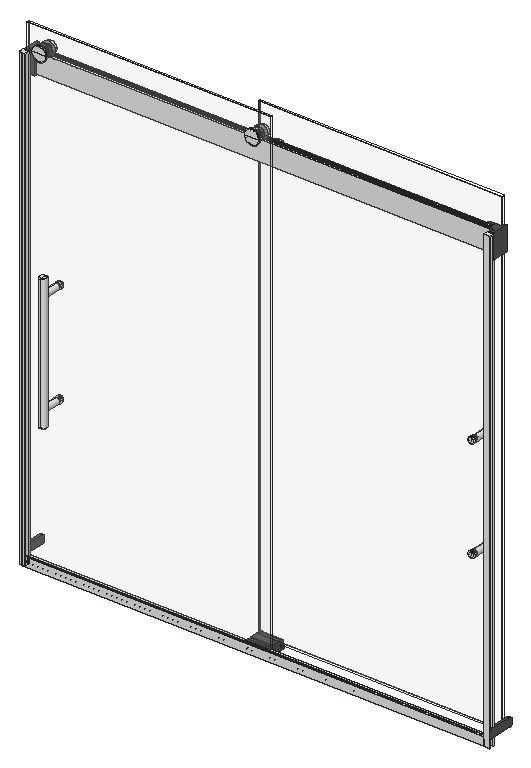
Revit family "Shower-Shower_Door-KOHLER-Levity_Plus-K-702425_1", category Specialty Equipment, host Face, Revit 2022 (continued)
Definition of nested family "K-702425"
  Lines and regions (in)
    symbolic lines, detail levels medium+fine
      curve 217: line (19.54543, 2.21713, 58.33005) -> (19.54543, 2.21713, 61.5748)
      curve 218: line (19.54543, 2.53463, 55.96708) -> (19.54543, 2.53463, 57.29546)
      curve 219: line (19.54543, 0.332, 59.44175) -> (19.54543, 0.332, 58.36655)
      curve 220: line (19.54543, 0.6495, 0.72015) -> (19.54543, 0.6495, 1.05663)
      curve 221: line (19.54543, 0.3945, 0.72015) -> (19.54543, 0.3945, 1.05663)
      curve 222: line (19.54543, 0.6495, 58.33005) -> (19.54543, 0.6495, 61.5748)
      curve 223: line (19.54543, 0.3945, 58.33198) -> (19.54543, 0.3945, 61.5748)
      curve 224: line (19.54543, 0.6495, 2.13263) -> (19.54543, 0.6495, 55.35471)
      curve 225: line (19.54543, 0.38563, 2.13803) -> (19.54543, 0.38563, 55.35616)
      curve 226: line (-31.3134, 0.29138, 58.7811) -> (-30.5489, 0.29138, 58.7811)
  Dimensions and locks (in)
    plane 4 to level = 61.5748"
    plane 5 to level = 17.71654"
    plane 6 to plane 5 = 17.00787"
    "Walk Thru": plane 8 to plane 3 "Center (Left/Right)"
    locked: plane 9 to plane 8 at 0.77715
    plane 3 "Center (Left/Right)" to plane 7 = 31.3134"
    "Width": plane 9 to plane 7
    locked: plane 8 to plane 10 "E" at 3.28921
    plane 12 to level = 55.55118"
    plane 13 to plane 12 = 2.55906"
    locked: plane 20 "C" to plane 10 "E" at 1.75
    locked: plane 9 to plane 23 at 0.34046
    locked: plane 22 "D" to plane 10 "E" at 25.2506
    plane 1 "Center (Front/Back)" to plane 24 = 4.98031"
    plane 24 to plane 25 = 7.08661"
    plane 19 to plane 25 = 0.43307"
    plane 24 to plane 26 = 0.4252"
    aligned and locked: plane 2 to level
    aligned and locked: plane 8 to Extrusion 5
    aligned and locked: plane 8 to Extrusion 8
    aligned and locked: plane 9 to Extrusion 18 sketch curve
    aligned and locked: plane 9 to Extrusion 19
    aligned and locked: plane 23 to Extrusion 19
    aligned and locked: plane 8 to Extrusion 20 sketch curve
    aligned and locked: plane 9 to Extrusion 20 sketch curve
    aligned and locked: plane 23 to Extrusion 22 sketch curve
    aligned and locked: Extrusion 10 to Masking region 1 sketch curve
    aligned and locked: Masking region 2 sketch curve to plane 9
    aligned and locked: Masking region 2 sketch curve to Extrusion 18
    aligned and locked: Masking region 2 sketch curve to plane 8
    aligned and locked: Extrusion 18 to curve 72
    aligned and locked: plane 9 to Masking region 3 sketch curve
    aligned and locked: Extrusion 10 to Masking region 3 sketch curve  (x2)
    aligned and locked: Revolve 13 to Masking region 4 sketch curve
    aligned and locked: plane 23 to Masking region 4 sketch curve
    aligned and locked: plane 8 to Extrusion 31
    aligned and locked: Masking region 3 to curve 193
    aligned and locked: Masking region 3 to curve 194
    aligned and locked: Masking region 3 to curve 195
    aligned and locked: Masking region 4 sketch curve to Extrusion 22
  Automatic sketch dimensions
    Extrusion 1 sketch curve to plane 7 = 0"
    Extrusion 1 sketch curve to Extrusion 1 sketch curve = 0.03079"
    plane 7 to Extrusion 1 sketch curve = 0.0315"
    Extrusion 1 sketch curve to Extrusion 1 sketch curve = 0.2541"
    Extrusion 1 sketch curve to Extrusion 1 sketch curve = 0.25668"
    plane 7 to Extrusion 1 sketch curve = 81/256"
    Extrusion 1 sketch curve to Extrusion 1 sketch curve = 0.0315"  (x2)
    Extrusion 1 sketch curve to Extrusion 1 sketch curve = 0.60218"
    Extrusion 1 sketch curve to Extrusion 1 sketch curve = 0.03039"
    Extrusion 1 sketch curve to plane 1 "Center (Front/Back)" = 0.35413"
    Extrusion 1 sketch curve to Extrusion 1 sketch curve = 0.47171"
    Extrusion 1 sketch curve to Extrusion 1 sketch curve = 1.10192"
    Extrusion 1 sketch curve to Extrusion 1 sketch curve = 0.00743"
    Extrusion 1 sketch curve to Extrusion 1 sketch curve = 0.34229"
    Extrusion 2 sketch curve to plane 7 = 0"  (x2)
    plane 1 "Center (Front/Back)" to Extrusion 2 sketch curve = 0"  (x2)
    plane 7 to Extrusion 2 sketch curve = 0.05752"  (x2)
    plane 7 to Extrusion 2 sketch curve = 0.18908"
    Extrusion 2 sketch curve to Extrusion 2 sketch curve = 0.04131"
    Extrusion 2 sketch curve to Extrusion 2 sketch curve = 0.09136"
    Extrusion 2 sketch curve to Extrusion 2 sketch curve = 0.19461"  (x2)
    Extrusion 2 sketch curve to Extrusion 2 sketch curve = 0.14115"  (x2)
    plane 1 "Center (Front/Back)" to Extrusion 2 sketch curve = 0.32797"
    Extrusion 2 sketch curve to Extrusion 2 sketch curve = 0.00361"  (x2)
    Extrusion 2 sketch curve to Extrusion 2 sketch curve = 0.10339"
    plane 1 "Center (Front/Back)" to Extrusion 2 sketch curve = 0.30702"
    Extrusion 2 sketch curve to Extrusion 2 sketch curve = 0.03454"  (x2)
    Extrusion 2 sketch curve to Extrusion 2 sketch curve = 0.01994"  (x2)
    Extrusion 2 sketch curve to Extrusion 2 sketch curve = 0.04271"  (x2)
    Extrusion 2 sketch curve to Extrusion 2 sketch curve = 0.06265"
    Extrusion 2 sketch curve to plane 1 "Center (Front/Back)" = 0.20982"
    Extrusion 2 sketch curve to Extrusion 2 sketch curve = 0"
    Extrusion 2 sketch curve to plane 1 "Center (Front/Back)" = 0.22464"
    Extrusion 3 sketch curve to plane 7 = 0"
    Extrusion 3 sketch curve to Extrusion 3 sketch curve = 0.05752"  (x2)
    plane 1 "Center (Front/Back)" to Extrusion 3 sketch curve = 0.32797"
    Extrusion 3 sketch curve to Extrusion 3 sketch curve = 0.59999"  (x2)
    Extrusion 3 sketch curve to Extrusion 3 sketch curve = 0.00361"  (x2)
    Extrusion 3 sketch curve to Extrusion 3 sketch curve = 0.10339"
    plane 1 "Center (Front/Back)" to Extrusion 3 sketch curve = 0.30702"
    Extrusion 3 sketch curve to Extrusion 3 sketch curve = 0.05449"  (x2)
    Extrusion 3 sketch curve to plane 1 "Center (Front/Back)" = 0.22464"
    Extrusion 3 sketch curve to plane 1 "Center (Front/Back)" = 0.25253"
    plane 1 "Center (Front/Back)" to Extrusion 4 sketch curve = 0.20982"
    Extrusion 4 sketch curve to Extrusion 4 sketch curve = 0.01972"
    Extrusion 4 sketch curve to Extrusion 4 sketch curve = 0.25882"
    level to Extrusion 4 sketch curve = 1.05663"
    Extrusion 4 sketch curve to Extrusion 4 sketch curve = 0.57809"
    Extrusion 5 sketch curve to level = 0"
    Extrusion 5 sketch curve to plane 1 "Center (Front/Back)" = 0"
    plane 1 "Center (Front/Back)" to Extrusion 5 sketch curve = 0.19878"
    Extrusion 5 sketch curve to plane 1 "Center (Front/Back)" = 3/128"
    Extrusion 5 sketch curve to Extrusion 5 sketch curve = 0.04434"
    Extrusion 5 sketch curve to Extrusion 5 sketch curve = 0.04019"
    Extrusion 5 sketch curve to Extrusion 5 sketch curve = 0.07819"
    Extrusion 5 sketch curve to Extrusion 5 sketch curve = 0.0297"
    Extrusion 5 sketch curve to Extrusion 5 sketch curve = 0.02696"
    level to Extrusion 5 sketch curve = 0.07959"
    Extrusion 5 sketch curve to plane 1 "Center (Front/Back)" = 0.14319"
    Extrusion 5 sketch curve to Extrusion 5 sketch curve = 0.05652"
    Extrusion 5 sketch curve to Extrusion 5 sketch curve = 0.06857"
    Extrusion 5 sketch curve to Extrusion 5 sketch curve = 0.02971"
    Extrusion 5 sketch curve to Extrusion 5 sketch curve = 0.03753"
    Extrusion 5 sketch curve to Extrusion 5 sketch curve = 0.02998"
    Extrusion 5 sketch curve to Extrusion 5 sketch curve = 45/128"
    Extrusion 5 sketch curve to Extrusion 5 sketch curve = 0.34333"
    Extrusion 5 sketch curve to Extrusion 5 sketch curve = 0.07224"
    Extrusion 5 sketch curve to Extrusion 5 sketch curve = 0.01101"
    Extrusion 5 sketch curve to Extrusion 5 sketch curve = 15/128"
    Extrusion 5 sketch curve to Extrusion 5 sketch curve = 0.50603"
    Extrusion 5 sketch curve to Extrusion 5 sketch curve = 0.00157"
    Extrusion 5 sketch curve to Extrusion 5 sketch curve = 0.02425"
    Extrusion 5 sketch curve to Extrusion 5 sketch curve = 0.01999"
    Extrusion 5 sketch curve to Extrusion 5 sketch curve = 0.04542"
    Extrusion 5 sketch curve to Extrusion 5 sketch curve = 0.01816"
    Revolve 6 sketch curve to plane 16 = 0"  (x2)
    Revolve 6 sketch curve to plane 1 "Center (Front/Back)" = 1.79905"
    Revolve 6 sketch curve to Revolve 6 sketch curve = 0.36643"
    Revolve 6 sketch curve to Revolve 6 sketch curve = 0.18701"  (x2)
    Revolve 6 sketch curve to Revolve 6 sketch curve = 0.13646"
    Revolve 6 sketch curve to Revolve 6 sketch curve = 0.19685"  (x2)
    Revolve 6 sketch curve to Revolve 6 sketch curve = 0.35769"
    Revolve 6 sketch curve to plane 1 "Center (Front/Back)" = 0.06827"
    Revolve 6 sketch curve to plane 1 "Center (Front/Back)" = 0.02811"
    plane 1 "Center (Front/Back)" to Revolve 6 sketch curve = 0.09751"
    Revolve 6 sketch curve to Revolve 6 sketch curve = 0.04293"
    plane 16 to Revolve 6 sketch curve = 0.4638"
    plane 16 to Revolve 6 sketch curve = 0.47661"
    Revolve 6 sketch curve to Revolve 6 sketch curve = 0.05951"
    Revolve 6 sketch curve to Revolve 6 sketch curve = 0.21742"
    Revolve 6 sketch curve to Revolve 6 sketch curve = 0.26917"
    Revolve 6 sketch curve to Revolve 6 sketch curve = 0.05219"
    Revolve 6 sketch curve to Revolve 6 sketch curve = 0.23207"
    Revolve 6 sketch curve to Revolve 6 sketch curve = 0.00276"
    Revolve 6 sketch curve to Revolve 6 sketch curve = 0.04017"
    Revolve 6 sketch curve to Revolve 6 sketch curve = 0.98425"
    Revolve 6 sketch curve to Revolve 6 sketch curve = 0"
    Revolve 7 sketch curve to plane 15 = 0"  (x2)
    Revolve 7 sketch curve to plane 1 "Center (Front/Back)" = 1.79905"
    Revolve 7 sketch curve to Revolve 7 sketch curve = 0.36643"
    Revolve 7 sketch curve to Revolve 7 sketch curve = 0.18701"  (x2)
    Revolve 7 sketch curve to Revolve 7 sketch curve = 0.13646"
    Revolve 7 sketch curve to Revolve 7 sketch curve = 0.19685"  (x2)
    Revolve 7 sketch curve to Revolve 7 sketch curve = 0.35769"
    Revolve 7 sketch curve to plane 1 "Center (Front/Back)" = 0.06827"
    Revolve 7 sketch curve to plane 1 "Center (Front/Back)" = 0.02811"
    plane 1 "Center (Front/Back)" to Revolve 7 sketch curve = 0.09751"
    Revolve 7 sketch curve to Revolve 7 sketch curve = 0.04293"
    plane 15 to Revolve 7 sketch curve = 0.4638"
    plane 15 to Revolve 7 sketch curve = 0.47661"
    Revolve 7 sketch curve to Revolve 7 sketch curve = 0.05951"
    Revolve 7 sketch curve to Revolve 7 sketch curve = 0.21742"
    Revolve 7 sketch curve to Revolve 7 sketch curve = 0.26917"
    Revolve 7 sketch curve to Revolve 7 sketch curve = 0.05219"
    Revolve 7 sketch curve to Revolve 7 sketch curve = 0.23207"
    Revolve 7 sketch curve to Revolve 7 sketch curve = 0.00276"
    Revolve 7 sketch curve to Revolve 7 sketch curve = 0.04017"
    Revolve 7 sketch curve to Revolve 7 sketch curve = 0.98425"
    Revolve 7 sketch curve to Revolve 7 sketch curve = 0"
    Extrusion 8 sketch curve to plane 12 = 0"
    Extrusion 8 sketch curve to plane 13 = 0"  (x2)
    Extrusion 8 sketch curve to plane 1 "Center (Front/Back)" = 0.97838"
    Extrusion 8 sketch curve to plane 13 = 0.01983"
    Extrusion 8 sketch curve to Extrusion 8 sketch curve = 0.04771"
    Extrusion 8 sketch curve to plane 13 = 0.17086"
    Extrusion 8 sketch curve to Extrusion 8 sketch curve = 0.19946"
    Extrusion 8 sketch curve to Extrusion 8 sketch curve = 0.06749"
    Extrusion 8 sketch curve to Extrusion 8 sketch curve = 0.07625"
    Extrusion 8 sketch curve to plane 13 = 0.09209"
    Extrusion 8 sketch curve to Extrusion 8 sketch curve = 0.10945"
    Extrusion 8 sketch curve to Extrusion 8 sketch curve = 0.00724"
    Extrusion 8 sketch curve to Extrusion 8 sketch curve = 0.01781"
    Extrusion 8 sketch curve to Extrusion 8 sketch curve = 0.07472"
    plane 12 to Extrusion 8 sketch curve = 0.24844"
    Extrusion 8 sketch curve to Extrusion 8 sketch curve = 0.26709"
    Extrusion 8 sketch curve to Extrusion 8 sketch curve = 0.25238"
    Extrusion 8 sketch curve to Extrusion 8 sketch curve = 0.11432"
    Extrusion 8 sketch curve to Extrusion 8 sketch curve = 0.167"
    Extrusion 8 sketch curve to Extrusion 8 sketch curve = 0.38221"
    Extrusion 8 sketch curve to Extrusion 8 sketch curve = 0.02708"
    plane 12 to Extrusion 8 sketch curve = 0.06014"
    Extrusion 8 sketch curve to Extrusion 8 sketch curve = 0.03426"
    Extrusion 8 sketch curve to Extrusion 8 sketch curve = 0.04358"
    Extrusion 8 sketch curve to Extrusion 8 sketch curve = 0.05805"
    Extrusion 8 sketch curve to Extrusion 8 sketch curve = 0.04965"
    Extrusion 8 sketch curve to Extrusion 8 sketch curve = 0.03062"
    Extrusion 8 sketch curve to Extrusion 8 sketch curve = 0.27127"
    Extrusion 8 sketch curve to Extrusion 8 sketch curve = 0.01337"
    Extrusion 8 sketch curve to Extrusion 8 sketch curve = 1/8"
    Extrusion 8 sketch curve to Extrusion 8 sketch curve = 0.62317"
    Extrusion 8 sketch curve to Extrusion 8 sketch curve = 0.09894"
    Extrusion 8 sketch curve to Extrusion 8 sketch curve = 0.11003"
    Extrusion 8 sketch curve to Extrusion 8 sketch curve = 0.06863"
    Extrusion 8 sketch curve to Extrusion 8 sketch curve = 0.04403"
    Extrusion 8 sketch curve to Extrusion 8 sketch curve = 0.07343"
    Extrusion 8 sketch curve to Extrusion 8 sketch curve = 0.06223"
    Extrusion 10 sketch curve to level = 0"
    Extrusion 10 sketch curve to plane 1 "Center (Front/Back)" = 0.30693"
    Extrusion 10 sketch curve to Extrusion 10 sketch curve = 0.16911"
    Extrusion 10 sketch curve to Extrusion 10 sketch curve = 0.03435"
    Extrusion 10 sketch curve to Extrusion 10 sketch curve = 0.04675"
    Extrusion 10 sketch curve to Extrusion 10 sketch curve = 0.27567"
    Extrusion 10 sketch curve to Extrusion 10 sketch curve = 0.02104"  (x2)
    level to Extrusion 10 sketch curve = 0.22974"  (x2)
    Extrusion 10 sketch curve to Extrusion 10 sketch curve = 0.10752"
    Extrusion 10 sketch curve to Extrusion 10 sketch curve = 0.08964"  (x2)
    Extrusion 10 sketch curve to Extrusion 10 sketch curve = 0.18469"  (x2)
    level to Extrusion 10 sketch curve = 0.22333"  (x2)
    Extrusion 10 sketch curve to Extrusion 10 sketch curve = 0.08608"  (x2)
    Extrusion 10 sketch curve to plane 1 "Center (Front/Back)" = 0.99117"
    Extrusion 10 sketch curve to Extrusion 10 sketch curve = 0.41665"  (x2)
    Extrusion 10 sketch curve to Extrusion 10 sketch curve = 0.04608"  (x2)
    Extrusion 10 sketch curve to Extrusion 10 sketch curve = 1.03242"
    level to Extrusion 10 sketch curve = 1.02412"
    Extrusion 10 sketch curve to Extrusion 10 sketch curve = 0.04197"
    Extrusion 10 sketch curve to Extrusion 10 sketch curve = 0.13366"
    level to Extrusion 10 sketch curve = 1.04611"
    Extrusion 10 sketch curve to Extrusion 10 sketch curve = 0.02291"
    Extrusion 10 sketch curve to Extrusion 10 sketch curve = 0.2467"
    level to Extrusion 10 sketch curve = 0.08994"
    Extrusion 10 sketch curve to Extrusion 10 sketch curve = 0.03772"
    Extrusion 10 sketch curve to Extrusion 10 sketch curve = 0.08809"
    Extrusion 10 sketch curve to Extrusion 10 sketch curve = 0.08169"
    Extrusion 10 sketch curve to Extrusion 10 sketch curve = 0.79837"
    Extrusion 10 sketch curve to Extrusion 10 sketch curve = 0.00241"
    Extrusion 10 sketch curve to Extrusion 10 sketch curve = 0.0012"
    Extrusion 10 sketch curve to Extrusion 10 sketch curve = 0.02268"
    Extrusion 10 sketch curve to Extrusion 10 sketch curve = 0.02105"
    Extrusion 10 sketch curve to Extrusion 10 sketch curve = 0.00037"
    Extrusion 10 sketch curve to Extrusion 10 sketch curve = 1.18136"
    plane 17 to Revolve 11 sketch curve = 0"  (x2)
    Revolve 11 sketch curve to plane 19 = 0.174"
    Revolve 11 sketch curve to plane 1 "Center (Front/Back)" = 0.4133"
    Revolve 11 sketch curve to Revolve 11 sketch curve = 0.34891"
    Revolve 11 sketch curve to Revolve 11 sketch curve = 0.03514"
    Revolve 11 sketch curve to Revolve 11 sketch curve = 0.19072"
    Revolve 11 sketch curve to Revolve 11 sketch curve = 0.03275"
    Revolve 11 sketch curve to plane 17 = 1/4"
    Revolve 11 sketch curve to Revolve 11 sketch curve = 0.11446"
    Revolve 11 sketch curve to Revolve 11 sketch curve = 1/8"
    Revolve 11 sketch curve to Revolve 11 sketch curve = 0.51073"
    Revolve 12 sketch curve to plane 5 = 0"
    Revolve 12 sketch curve to plane 6 = 0"
    Revolve 12 sketch curve to plane 19 = 0"  (x2)
    plane 5 to Revolve 12 sketch curve = 0.04993"
    Revolve 12 sketch curve to plane 6 = 0.05514"
    plane 6 to Revolve 12 sketch curve = 0.28607"
    Revolve 12 sketch curve to Revolve 12 sketch curve = 0.3937"
    plane 21 "X" to Revolve 13 sketch curve = 0"  (x2)
    Revolve 13 sketch curve to plane 21 "X" = 0.60618"
    Revolve 13 sketch curve to Revolve 13 sketch curve = 0.05802"
    Revolve 13 sketch curve to Revolve 13 sketch curve = 0.12991"
    Revolve 13 sketch curve to Revolve 13 sketch curve = 0.23375"
    Revolve 13 sketch curve to Revolve 13 sketch curve = 0.00086"
    Revolve 13 sketch curve to Revolve 13 sketch curve = 0.04165"  (x2)
    Revolve 13 sketch curve to Revolve 13 sketch curve = 0.04078"
    Revolve 13 sketch curve to Revolve 13 sketch curve = 0.12631"
    Revolve 13 sketch curve to Revolve 13 sketch curve = 0.29364"
    Revolve 13 sketch curve to Revolve 13 sketch curve = 0.3614"
    Revolve 13 sketch curve to Revolve 13 sketch curve = 0.25664"
    Revolve 13 sketch curve to Revolve 13 sketch curve = 0.3937"
    Revolve 13 sketch curve to Revolve 13 sketch curve = 0.50511"
    plane 21 "X" to Revolve 14 sketch curve = 0"  (x2)
    Revolve 14 sketch curve to plane 21 "X" = 0.60618"
    Revolve 14 sketch curve to Revolve 14 sketch curve = 0.05802"
    Revolve 14 sketch curve to Revolve 14 sketch curve = 0.12991"
    Revolve 14 sketch curve to Revolve 14 sketch curve = 0.23375"
    Revolve 14 sketch curve to Revolve 14 sketch curve = 0.00086"
    Revolve 14 sketch curve to Revolve 14 sketch curve = 0.04165"  (x2)
    Revolve 14 sketch curve to Revolve 14 sketch curve = 0.04078"
    Revolve 14 sketch curve to Revolve 14 sketch curve = 0.12631"
    Revolve 14 sketch curve to Revolve 14 sketch curve = 0.29364"
    Revolve 14 sketch curve to Revolve 14 sketch curve = 0.3614"
    Revolve 14 sketch curve to Revolve 14 sketch curve = 0.25664"
    Revolve 14 sketch curve to Revolve 14 sketch curve = 0.3937"
    Revolve 14 sketch curve to Revolve 14 sketch curve = 0.50511"
    plane 18 to Revolve 15 sketch curve = 0"  (x2)
    Revolve 15 sketch curve to plane 18 = 1/4"
    Revolve 15 sketch curve to Revolve 15 sketch curve = 0.11446"
    Revolve 15 sketch curve to Revolve 15 sketch curve = 0.00238"
    Revolve 15 sketch curve to Revolve 15 sketch curve = 1/8"
    Revolve 15 sketch curve to Revolve 15 sketch curve = 0.03514"
    Revolve 15 sketch curve to Revolve 15 sketch curve = 0.34891"
    Revolve 15 sketch curve to Revolve 15 sketch curve = 0.19072"
    Revolve 15 sketch curve to Revolve 15 sketch curve = 0.51073"
    plane 17 to Revolve 16 sketch curve = 0"  (x2)
    Revolve 16 sketch curve to plane 17 = 1/4"
    Revolve 16 sketch curve to Revolve 16 sketch curve = 0.11446"
    Revolve 16 sketch curve to Revolve 16 sketch curve = 0.00238"
    Revolve 16 sketch curve to Revolve 16 sketch curve = 1/8"
    Revolve 16 sketch curve to Revolve 16 sketch curve = 0.03514"
    Revolve 16 sketch curve to Revolve 16 sketch curve = 0.3477"
    Revolve 16 sketch curve to Revolve 16 sketch curve = 0.19072"
    Revolve 16 sketch curve to Revolve 16 sketch curve = 0.51073"
    plane 1 "Center (Front/Back)" to Extrusion 19 sketch curve = 0.23901"
    Extrusion 19 sketch curve to Extrusion 19 sketch curve = 0.01972"
    Extrusion 19 sketch curve to Extrusion 19 sketch curve = 0.25882"
    level to Extrusion 19 sketch curve = 2.13263"
    Extrusion 19 sketch curve to Extrusion 19 sketch curve = 0.57809"
    plane 18 to Revolve 23 sketch curve = 0"  (x2)
    Revolve 23 sketch curve to plane 19 = 0.174"
    Revolve 23 sketch curve to plane 1 "Center (Front/Back)" = 0.4133"
    Revolve 23 sketch curve to Revolve 23 sketch curve = 0.34891"
    Revolve 23 sketch curve to Revolve 23 sketch curve = 0.03514"
    Revolve 23 sketch curve to Revolve 23 sketch curve = 0.19072"
    Revolve 23 sketch curve to Revolve 23 sketch curve = 0.03275"
    Revolve 23 sketch curve to plane 18 = 1/4"
    Revolve 23 sketch curve to Revolve 23 sketch curve = 0.11446"
    Revolve 23 sketch curve to Revolve 23 sketch curve = 1/8"
    Revolve 23 sketch curve to Revolve 23 sketch curve = 0.51073"
    Extrusion 24 sketch curve to plane 7 = 0"
    Extrusion 24 sketch curve to plane 1 "Center (Front/Back)" = 0.32797"
    plane 1 "Center (Front/Back)" to Extrusion 24 sketch curve = 0.32797"
    Extrusion 24 sketch curve to Extrusion 24 sketch curve = 0.76451"
    Revolve 25 sketch curve to plane 15 = 0"  (x2)
    Revolve 25 sketch curve to Revolve 25 sketch curve = 0.19685"  (x2)
    Revolve 25 sketch curve to Revolve 25 sketch curve = 0.13646"
    Revolve 25 sketch curve to Revolve 25 sketch curve = 0.37402"
    Revolve 25 sketch curve to Revolve 25 sketch curve = 0.36643"
    Revolve 25 sketch curve to plane 1 "Center (Front/Back)" = 0.06827"
    plane 1 "Center (Front/Back)" to Revolve 25 sketch curve = 0.14044"
    plane 15 to Revolve 25 sketch curve = 0.53612"
    Revolve 25 sketch curve to Revolve 25 sketch curve = 0.12453"
    Revolve 25 sketch curve to Revolve 25 sketch curve = 0.15792"
    Revolve 25 sketch curve to Revolve 25 sketch curve = 0.07232"
    Revolve 25 sketch curve to Revolve 25 sketch curve = 0.05219"
    Revolve 25 sketch curve to Revolve 25 sketch curve = 0.275"
    Revolve 25 sketch curve to Revolve 25 sketch curve = 0.31118"
    Revolve 26 sketch curve to plane 16 = 0"  (x2)
    Revolve 26 sketch curve to plane 1 "Center (Front/Back)" = 1.79905"
    Revolve 26 sketch curve to Revolve 26 sketch curve = 0.36643"
    Revolve 26 sketch curve to Revolve 26 sketch curve = 0.37402"
    Revolve 26 sketch curve to Revolve 26 sketch curve = 0.13646"
    Revolve 26 sketch curve to Revolve 26 sketch curve = 0.19685"  (x2)
    Revolve 26 sketch curve to plane 1 "Center (Front/Back)" = 0.06827"
    plane 1 "Center (Front/Back)" to Revolve 26 sketch curve = 0.14044"
    plane 16 to Revolve 26 sketch curve = 0.53612"
    Revolve 26 sketch curve to Revolve 26 sketch curve = 0.12453"
    Revolve 26 sketch curve to Revolve 26 sketch curve = 0.15792"
    Revolve 26 sketch curve to Revolve 26 sketch curve = 0.07232"
    Revolve 26 sketch curve to Revolve 26 sketch curve = 0.05219"
    Revolve 26 sketch curve to Revolve 26 sketch curve = 0.275"
    Revolve 26 sketch curve to Revolve 26 sketch curve = 0.31118"
    Extrusion 27 sketch curve to plane 11 "B" = 0"  (x2)
    Extrusion 27 sketch curve to plane 17 = 0"
    Extrusion 27 sketch curve to plane 18 = 0"
    Extrusion 28 sketch curve to plane 11 "B" = 0"
    plane 19 to Extrusion 28 sketch curve = 0"
    Revolve 17 sketch curve to plane 5 = 0"
    Revolve 17 sketch curve to plane 6 = 0"
    plane 5 to Revolve 17 sketch curve = 0.03117"
    Revolve 17 sketch curve to plane 6 = 0.03637"
    plane 6 to Revolve 17 sketch curve = 0.28607"
    Revolve 17 sketch curve to Revolve 17 sketch curve = 0.3937"  (x2)
    plane 18 to Revolve 29 sketch curve = 0"  (x2)
    Revolve 29 sketch curve to plane 18 = 3/8"
    Revolve 29 sketch curve to plane 1 "Center (Front/Back)" = 1.87284"
    Revolve 29 sketch curve to Revolve 29 sketch curve = 1.1811"  (x2)
    plane 17 to Revolve 30 sketch curve = 0"  (x2)
    Revolve 30 sketch curve to plane 17 = 3/8"
    Revolve 30 sketch curve to plane 1 "Center (Front/Back)" = 1.87284"
    Revolve 30 sketch curve to Revolve 30 sketch curve = 1.1811"  (x2)
    curve 53 to curve 54 = 0"  (x2)
    curve 55 to curve 56 = 0"  (x2)
    curve 53 to plane 14 "A" = 0"
    plane 15 to curve 53 = 0"
    curve 60 to plane 5 = 0"
    curve 58 to plane 6 = 0"
    curve 57 to plane 11 "B" = 0"
    curve 61 to plane 11 "B" = 0"
    curve 70 to plane 11 "B" = 0"
    curve 62 to plane 11 "B" = 0"
    curve 56 to plane 14 "A" = 0"
    plane 16 to curve 56 = 0"
    curve 71 to plane 3 "Center (Left/Right)" = 0"
    curve 80 to plane 10 "E" = 0"
    curve 79 to plane 10 "E" = 0"
    curve 78 to plane 12 = 0"
    curve 77 to plane 13 = 0"
    curve 75 to plane 8 = 0"
    curve 72 to plane 23 = 0"
    curve 76 to plane 9 = 0"
    curve 71 to level = 0"
    curve 80 to plane 17 = 0"
    curve 79 to plane 18 = 0"
    curve 71 to plane 4 = 0"
    level to curve 51 = 0.08036"
    plane 7 to curve 51 = 0.76451"
    plane 5 to curve 62 = 0.05041"
    curve 62 to plane 11 "B" = 0.44435"
    curve 59 to curve 60 = 0.05041"
    curve 57 to curve 58 = 0.05514"
    plane 11 "B" to curve 70 = 0.38922"
    plane 11 "B" to curve 67 = 0.39395"
    curve 67 to curve 67 = 0.05041"
    curve 73 to plane 8 = 0.21268"
    curve 58 to plane 6 = 0.05514"
    curve 74 to plane 12 = 0.19647"
    plane 13 to curve 76 = 0.13266"
    plane 13 to curve 49 = 0.25632"
    plane 7 to curve 51 = 0.32175"
    plane 7 to curve 49 = 0.32149"
    level to curve 75 = 0.07959"
    curve 50 to curve 52 = 0.96667"
    Extrusion 18 sketch curve to Extrusion 18 sketch curve = 0.10187"
    Extrusion 18 sketch curve to plane 23 = 0.03713"
    Extrusion 18 sketch curve to Extrusion 18 sketch curve = 0.20309"
    plane 23 to Extrusion 18 sketch curve = 0.05161"
    Extrusion 18 sketch curve to Extrusion 18 sketch curve = 0.06158"
    Extrusion 18 sketch curve to plane 8 = 0.21268"
    Extrusion 18 sketch curve to plane 1 "Center (Front/Back)" = 0.96774"
    Extrusion 18 sketch curve to Extrusion 18 sketch curve = 0.06723"
    plane 23 to Extrusion 18 sketch curve = 0.01208"
    Extrusion 18 sketch curve to Extrusion 18 sketch curve = 0.06013"
    Extrusion 18 sketch curve to plane 1 "Center (Front/Back)" = 0.37453"
    Extrusion 18 sketch curve to plane 23 = 0.03488"
    Extrusion 20 sketch curve to plane 9 = 0"
    Extrusion 20 sketch curve to plane 1 "Center (Front/Back)" = 0.32756"
    Extrusion 20 sketch curve to Extrusion 20 sketch curve = 0.07874"  (x2)
    plane 1 "Center (Front/Back)" to Extrusion 20 sketch curve = 0.23901"
    plane 8 to Extrusion 20 sketch curve = 0.07874"
    Extrusion 21 sketch curve to plane 8 = 0"
    Extrusion 21 sketch curve to plane 9 = 0"
    plane 1 "Center (Front/Back)" to Extrusion 21 sketch curve = 0.31775"
    Extrusion 21 sketch curve to plane 1 "Center (Front/Back)" = 0.32756"
    Masking region 2 sketch curve to plane 7 = 0"
    Masking region 2 sketch curve to plane 4 = 0"
    Masking region 2 sketch curve to level = 0"
    Masking region 2 sketch curve to plane 23 = 0"
    plane 7 to Masking region 2 sketch curve = 0.32149"
    plane 7 to Masking region 2 sketch curve = 0.32175"
    level to Masking region 2 sketch curve = 0.07959"
    Masking region 2 sketch curve to Masking region 2 sketch curve = 0.08036"
    plane 13 to Masking region 2 sketch curve = 0.25632"
    Masking region 4 sketch curve to Masking region 4 sketch curve = 0"  (x5)
    Masking region 4 sketch curve to plane 10 "E" = 0"  (x2)
    Masking region 4 sketch curve to plane 20 "C" = 0"
    Masking region 4 sketch curve to plane 22 "D" = 0"  (x2)
    Masking region 4 sketch curve to Masking region 4 sketch curve = 0.04069"  (x4)
    Masking region 4 sketch curve to Masking region 4 sketch curve = 0.04144"  (x3)
    Masking region 4 sketch curve to Masking region 4 sketch curve = 1/8"  (x2)
    Masking region 4 sketch curve to Masking region 4 sketch curve = 0.1265"  (x2)
    Masking region 4 sketch curve to Masking region 4 sketch curve = 0.04155"  (x3)
    Masking region 4 sketch curve to Masking region 4 sketch curve = 0.04231"  (x4)
    Masking region 4 sketch curve to Masking region 4 sketch curve = 0.28834"  (x3)
    Masking region 4 sketch curve to Masking region 4 sketch curve = 0.22725"  (x2)
    Masking region 4 sketch curve to Masking region 4 sketch curve = 0.22796"  (x2)
    plane 22 "D" to Masking region 4 sketch curve = 0.93949"
    Masking region 4 sketch curve to Masking region 4 sketch curve = 0.16185"
    Masking region 4 sketch curve to Masking region 4 sketch curve = 0.23375"  (x4)
    Masking region 4 sketch curve to Masking region 4 sketch curve = 0.00086"  (x2)
    Masking region 4 sketch curve to Masking region 4 sketch curve = 0.61502"
    Extrusion 31 sketch curve to plane 13 = 0"
    Extrusion 31 sketch curve to plane 1 "Center (Front/Back)" = 0.97838"
    Extrusion 31 sketch curve to plane 12 = 0"
    Extrusion 31 sketch curve to Extrusion 31 sketch curve = 0.94794"
    Revolve 32 sketch curve to plane 5 = 0"
    Revolve 32 sketch curve to plane 6 = 0"
    Revolve 32 sketch curve to Revolve 32 sketch curve = 0.69979"
    Revolve 32 sketch curve to Revolve 32 sketch curve = 0.59055"
    Extrusion 9 sketch curve to plane 1 "Center (Front/Back)" = 0.712"
    plane 3 "Center (Left/Right)" to Extrusion 9 sketch curve = 0.03493"
    Extrusion 9 sketch curve to Extrusion 9 sketch curve = 1/16"  (x5)
    Extrusion 9 sketch curve to Extrusion 9 sketch curve = 0.255"
    plane 7 to Extrusion 9 sketch curve = 0.41083"
    Extrusion 9 sketch curve to Extrusion 9 sketch curve = 0"
    Extrusion 9 sketch curve to plane 3 "Center (Left/Right)" = 0.02757"  (x2)
    Revolve 25 sketch curve to Revolve 25 sketch curve = 0.65703"
    Extrusion 22 sketch curve to Extrusion 22 sketch curve = 1/16"  (x3)
    Extrusion 22 sketch curve to Extrusion 22 sketch curve = 0.255"
    plane 23 to Extrusion 22 sketch curve = 0.04418"  (x2)
    plane 22 "D" to Extrusion 22 sketch curve = 1.94269"
    Extrusion 22 sketch curve to Extrusion 22 sketch curve = 0"
    Extrusion 22 sketch curve to Extrusion 22 sketch curve = 0.04418"  (x2)
    Revolve 15 sketch curve to Revolve 15 sketch curve = 0.70992"
    Revolve 16 sketch curve to Revolve 16 sketch curve = 0.70992"
    Revolve 17 sketch curve to Revolve 17 sketch curve = 0.03637"
    plane 19 to Revolve 11 sketch curve = 0.71706"
    plane 19 to Revolve 12 sketch curve = 0.3885"
    plane 19 to Revolve 12 sketch curve = 0.3937"
    Revolve 12 sketch curve to Revolve 12 sketch curve = 0.05514"
    plane 19 to Revolve 23 sketch curve = 0.71706"
    Extrusion 4 sketch curve to plane 24 = 2.06332"
    Revolve 13 sketch curve to plane 24 = 1.9486"
    Revolve 14 sketch curve to plane 24 = 1.9486"
    Revolve 15 sketch curve to plane 24 = 0.49504"
    Revolve 15 sketch curve to Revolve 15 sketch curve = 2.00414"
    Revolve 16 sketch curve to plane 24 = 0.49504"
    Revolve 16 sketch curve to Revolve 16 sketch curve = 2.00534"
    Revolve 17 sketch curve to plane 24 = 0.00033"
    Revolve 17 sketch curve to Revolve 17 sketch curve = 0.03117"
    Revolve 17 sketch curve to Revolve 17 sketch curve = 0"
    Extrusion 18 sketch curve to Extrusion 18 sketch curve = 0.98126"
    Extrusion 19 sketch curve to plane 24 = 2.06332"
    Extrusion 22 sketch curve to plane 24 = 2.44569"
    Revolve 29 sketch curve to plane 24 = 0.50338"
    Revolve 30 sketch curve to plane 24 = 0.50338"
    Masking region 4 sketch curve to Masking region 4 sketch curve = 0.20058"
    Revolve 32 sketch curve to plane 24 = 0.00033"
    Revolve 32 sketch curve to Revolve 32 sketch curve = 0.42487"
    Revolve 32 sketch curve to plane 24 = 0.4252"
    Masking region 4 sketch curve to Masking region 4 sketch curve = 0.255"
    Masking region 4 sketch curve to Masking region 4 sketch curve = 1/16"  (x4)
    plane 23 to Masking region 4 sketch curve = 0.04418"  (x2)
    Masking region 4 sketch curve to plane 22 "D" = 0.73609"
    Masking region 4 sketch curve to Masking region 4 sketch curve = 0.0719"  (x2)
    Masking region 4 sketch curve to plane 24 = 0"
    plane 10 "E" to Masking region 4 sketch curve = 0.37454"
    Masking region 4 sketch curve to plane 10 "E" = 0.39889"
    Masking region 4 sketch curve to plane 26 = 0.20025"
    Masking region 4 sketch curve to Masking region 4 sketch curve = 0.43521"
    Masking region 4 sketch curve to Masking region 4 sketch curve = 0.02434"
    Masking region 4 sketch curve to plane 20 "C" = 0.66419"
    Masking region 4 sketch curve to Masking region 4 sketch curve = 0.04418"  (x2)
    Masking region 3 sketch curve to plane 11 "B" = 0"
    Masking region 3 sketch curve to plane 8 = 0"  (x2)
    Masking region 3 sketch curve to plane 23 = 0"
    plane 19 to Masking region 3 sketch curve = 0"
    plane 7 to Masking region 3 sketch curve = 0.32153"
    plane 7 to Masking region 3 sketch curve = 0.32175"
    Masking region 3 sketch curve to Masking region 3 sketch curve = 0.0299"
    Masking region 3 sketch curve to Masking region 3 sketch curve = 1/16"  (x3)
    Masking region 3 sketch curve to Masking region 3 sketch curve = 0.54251"
    Masking region 3 sketch curve to Masking region 3 sketch curve = 0.66199"
    Masking region 3 sketch curve to Masking region 3 sketch curve = 0.03039"
    Masking region 3 sketch curve to Masking region 3 sketch curve = 0.59804"
    Masking region 3 sketch curve to Masking region 3 sketch curve = 0.19685"  (x2)
    Masking region 3 sketch curve to plane 15 = 0.53612"
    Masking region 3 sketch curve to plane 11 "B" = 0.37476"
    Masking region 3 sketch curve to Masking region 3 sketch curve = 0.03752"  (x2)
    Masking region 3 sketch curve to Masking region 3 sketch curve = 0.11233"  (x2)
    plane 11 "B" to Masking region 3 sketch curve = 1/4"
    plane 1 "Center (Front/Back)" to Masking region 3 sketch curve = 0.19878"  (x2)
    plane 11 "B" to Masking region 3 sketch curve = 0.37476"
    Masking region 3 sketch curve to plane 3 "Center (Left/Right)" = 0.34077"  (x2)
    Masking region 3 sketch curve to plane 8 = 0.21183"
    Masking region 3 sketch curve to plane 8 = 0.20841"
    Masking region 3 sketch curve to Masking region 3 sketch curve = 0.05731"
    Masking region 3 sketch curve to Masking region 3 sketch curve = 17/256"
    plane 23 to Masking region 3 sketch curve = 0.07221"
    plane 23 to Masking region 3 sketch curve = 0.05161"
    plane 23 to Masking region 3 sketch curve = 0.01208"
    Masking region 3 sketch curve to plane 23 = 0.03488"
    Masking region 3 sketch curve to plane 19 = 0.23741"
    plane 1 "Center (Front/Back)" to Masking region 3 sketch curve = 0.31775"
    Masking region 3 sketch curve to plane 1 "Center (Front/Back)" = 0.32756"
    Masking region 3 sketch curve to Masking region 3 sketch curve = 0.23163"
    Masking region 3 sketch curve to Masking region 3 sketch curve = 0.05022"  (x2)
    Masking region 3 sketch curve to Masking region 3 sketch curve = 0.46585"
    Masking region 3 sketch curve to Masking region 3 sketch curve = 0.14694"
    Masking region 3 sketch curve to Masking region 3 sketch curve = 0.00293"
    Masking region 3 sketch curve to Masking region 3 sketch curve = 0.06723"
    Masking region 3 sketch curve to Masking region 3 sketch curve = 0.05623"  (x2)
    Masking region 3 sketch curve to Masking region 3 sketch curve = 0.17865"
    Masking region 3 sketch curve to Masking region 3 sketch curve = 0.9481"  (x2)
    Masking region 3 sketch curve to Masking region 3 sketch curve = 0.02252"
    Masking region 3 sketch curve to Masking region 3 sketch curve = 0.09468"
    Masking region 3 sketch curve to Masking region 3 sketch curve = 0.01655"
    Masking region 3 sketch curve to Masking region 3 sketch curve = 0.00737"
    Masking region 3 sketch curve to Masking region 3 sketch curve = 0.86748"
    Masking region 3 sketch curve to Masking region 3 sketch curve = 1.07649"
    Masking region 3 sketch curve to Masking region 3 sketch curve = 1.14729"
    Masking region 3 sketch curve to Masking region 3 sketch curve = 0.0268"  (x2)
    Masking region 3 sketch curve to plane 3 "Center (Left/Right)" = 0.02757"
    Masking region 3 sketch curve to Masking region 3 sketch curve = 0.09074"
    Masking region 3 sketch curve to plane 11 "B" = 1/4"
    Masking region 3 sketch curve to Masking region 3 sketch curve = 0"  (x2)
    Masking region 3 sketch curve to Masking region 3 sketch curve = 0.21016"  (x2)
    plane 3 "Center (Left/Right)" to Masking region 3 sketch curve = 0.03493"
    Masking region 3 sketch curve to plane 1 "Center (Front/Back)" = 0.55875"
    Masking region 1 sketch curve to plane 4 = 0"  (x2)
    Masking region 1 sketch curve to plane 6 = 0"  (x2)
    Masking region 1 sketch curve to plane 24 = 0"
    plane 18 to Masking region 1 sketch curve = 0"  (x2)
    plane 17 to Masking region 1 sketch curve = 0"  (x2)
    Masking region 1 sketch curve to plane 5 = 0"  (x2)
    Masking region 1 sketch curve to level = 0"  (x2)
    plane 1 "Center (Front/Back)" to Masking region 1 sketch curve = 0.09747"
    Masking region 1 sketch curve to plane 14 "A" = 0.93569"
    Masking region 1 sketch curve to plane 1 "Center (Front/Back)" = 0.06827"
    Masking region 1 sketch curve to Masking region 1 sketch curve = 0.04099"
    plane 1 "Center (Front/Back)" to Masking region 1 sketch curve = 0.14044"
    Masking region 1 sketch curve to Masking region 1 sketch curve = 11/256"
    Masking region 1 sketch curve to plane 14 "A" = 0.74622"
    Masking region 1 sketch curve to Masking region 1 sketch curve = 0"  (x8)
    Masking region 1 sketch curve to Masking region 1 sketch curve = 0.01326"
    Masking region 1 sketch curve to Masking region 1 sketch curve = 0.05219"
    Masking region 1 sketch curve to Masking region 1 sketch curve = 0.23405"
    Masking region 1 sketch curve to Masking region 1 sketch curve = 0.21011"
    Masking region 1 sketch curve to Masking region 1 sketch curve = 0.04123"
    plane 13 to Masking region 1 sketch curve = 0.25632"
    plane 13 to Masking region 1 sketch curve = 0.21982"
    Masking region 1 sketch curve to plane 13 = 0.53937"
    Masking region 1 sketch curve to Masking region 1 sketch curve = 0.04078"  (x4)
    Masking region 1 sketch curve to Masking region 1 sketch curve = 0.04165"  (x3)
    Masking region 1 sketch curve to Masking region 1 sketch curve = 0.23375"  (x2)
    plane 12 to Masking region 1 sketch curve = 0.18215"
    plane 12 to Masking region 1 sketch curve = 0.18128"
    Masking region 1 sketch curve to plane 12 = 0.19502"
    Masking region 1 sketch curve to plane 6 = 0.03637"  (x2)
    Masking region 1 sketch curve to plane 25 = 0"
    Masking region 1 sketch curve to plane 6 = 0.04457"
    Masking region 1 sketch curve to plane 6 = 0.05514"
    Masking region 1 sketch curve to plane 18 = 0.39907"  (x2)
    Masking region 1 sketch curve to plane 18 = 3/8"  (x2)
    Masking region 1 sketch curve to Masking region 1 sketch curve = 0.03133"  (x5)
    Masking region 1 sketch curve to Masking region 1 sketch curve = 0.03399"  (x11)
    Masking region 1 sketch curve to Masking region 1 sketch curve = 0.11558"  (x4)
    plane 18 to Masking region 1 sketch curve = 0.2495"
    plane 18 to Masking region 1 sketch curve = 0.36508"
    Masking region 1 sketch curve to Masking region 1 sketch curve = 0.00266"  (x4)
    plane 18 to Masking region 1 sketch curve = 3/8"  (x2)
    Masking region 1 sketch curve to plane 17 = 0.39907"  (x2)
    Masking region 1 sketch curve to plane 17 = 3/8"  (x2)
    plane 17 to Masking region 1 sketch curve = 0.2495"
    plane 17 to Masking region 1 sketch curve = 3/8"  (x2)
    plane 5 to Masking region 1 sketch curve = 0.04993"
    plane 5 to Masking region 1 sketch curve = 0.03937"
    plane 5 to Masking region 1 sketch curve = 0.03117"  (x2)
    level to Masking region 1 sketch curve = 2.24921"
    Masking region 1 sketch curve to Masking region 1 sketch curve = 0.11658"  (x2)
    Masking region 1 sketch curve to Masking region 1 sketch curve = 0.25882"
    Masking region 1 sketch curve to Masking region 1 sketch curve = 0.57809"
    level to Masking region 1 sketch curve = 1.05663"
    Masking region 1 sketch curve to Masking region 1 sketch curve = 0.23909"
    Masking region 1 sketch curve to Masking region 1 sketch curve = 0.03251"
    Masking region 1 sketch curve to Masking region 1 sketch curve = 0.00241"
    Masking region 1 sketch curve to Masking region 1 sketch curve = 0.33649"
    Masking region 1 sketch curve to Masking region 1 sketch curve = 0.35205"
    level to Masking region 1 sketch curve = 0.2313"  (x2)
    Masking region 1 sketch curve to Masking region 1 sketch curve = 0.00156"  (x2)
    Masking region 1 sketch curve to Masking region 1 sketch curve = 0.00346"  (x2)
    Masking region 1 sketch curve to Masking region 1 sketch curve = 0.00451"  (x2)
    Masking region 1 sketch curve to Masking region 1 sketch curve = 0.06772"
    Masking region 1 sketch curve to Masking region 1 sketch curve = 0.08966"  (x2)
    Masking region 1 sketch curve to Masking region 1 sketch curve = 0.03435"
    Masking region 1 sketch curve to Masking region 1 sketch curve = 0.03772"
    level to Masking region 1 sketch curve = 0.08036"
    Masking region 1 sketch curve to Masking region 1 sketch curve = 0.01035"
    Masking region 1 sketch curve to plane 24 = 0.03117"
    Masking region 1 sketch curve to plane 24 = 0.03637"
    Masking region 1 sketch curve to plane 26 = 0.38817"
    Masking region 1 sketch curve to plane 26 = 0.39337"
    Masking region 1 sketch curve to plane 26 = 0.42454"
    Masking region 1 sketch curve to Masking region 1 sketch curve = 0.03117"
    Masking region 1 sketch curve to Masking region 1 sketch curve = 0.03637"
    Masking region 1 sketch curve to plane 26 = 1.3793"
    Masking region 1 sketch curve to plane 26 = 1.52341"
    Masking region 1 sketch curve to Masking region 1 sketch curve = 0.12631"  (x2)
    Masking region 1 sketch curve to Masking region 1 sketch curve = 0.52103"
    Masking region 1 sketch curve to Masking region 1 sketch curve = 0.19815"
    Masking region 1 sketch curve to Masking region 1 sketch curve = 0.27433"
    Masking region 1 sketch curve to Masking region 1 sketch curve = 0.37301"
    Masking region 1 sketch curve to Masking region 1 sketch curve = 0.38237"
    Masking region 1 sketch curve to Masking region 1 sketch curve = 0.28834"
    Masking region 1 sketch curve to Masking region 1 sketch curve = 0.70999"
    Masking region 1 sketch curve to Masking region 1 sketch curve = 0.21646"  (x2)
    Masking region 1 sketch curve to Masking region 1 sketch curve = 0.35557"
    Masking region 1 sketch curve to Masking region 1 sketch curve = 0.36643"
    Masking region 1 sketch curve to Masking region 1 sketch curve = 0.18701"
    Masking region 1 sketch curve to Masking region 1 sketch curve = 0.0752"
    Masking region 1 sketch curve to Masking region 1 sketch curve = 0.03015"
    Masking region 1 sketch curve to Masking region 1 sketch curve = 0.85245"  (x2)
    Masking region 1 sketch curve to Masking region 1 sketch curve = 0.01285"
    Masking region 1 sketch curve to Masking region 1 sketch curve = 0.13646"
    Masking region 1 sketch curve to Masking region 1 sketch curve = 0.19286"  (x4)
    Masking region 1 sketch curve to Masking region 1 sketch curve = 0.03691"  (x2)
    Masking region 1 sketch curve to plane 1 "Center (Front/Back)" = 0.7253"
    Masking region 1 sketch curve to Masking region 1 sketch curve = 0.29499"
    Masking region 1 sketch curve to Masking region 1 sketch curve = 0.18469"
    Masking region 1 sketch curve to Masking region 1 sketch curve = 0.11595"
    Masking region 1 sketch curve to Masking region 1 sketch curve = 0.06077"
    Masking region 1 sketch curve to Masking region 1 sketch curve = 0.04675"
    Masking region 1 sketch curve to Masking region 1 sketch curve = 0.05319"
    Masking region 1 sketch curve to Masking region 1 sketch curve = 0.14848"
    Masking region 1 sketch curve to plane 1 "Center (Front/Back)" = 0.02728"
    plane 1 "Center (Front/Back)" to Masking region 1 sketch curve = 0.19878"
    plane 1 "Center (Front/Back)" to Masking region 1 sketch curve = 0.32803"  (x2)
    Masking region 1 sketch curve to Masking region 1 sketch curve = 0.18759"
    Masking region 1 sketch curve to plane 19 = 0.44363"  (x3)
    Masking region 1 sketch curve to Masking region 1 sketch curve = 0.04993"
    Masking region 1 sketch curve to Masking region 1 sketch curve = 0.05514"
    plane 25 to Masking region 1 sketch curve = 0.04457"
    plane 25 to Masking region 1 sketch curve = 0.03937"
    Masking region 1 sketch curve to Masking region 1 sketch curve = 0.02706"  (x2)
    Masking region 1 sketch curve to Masking region 1 sketch curve = 0.38"  (x2)
    plane 17 to Masking region 1 sketch curve = 0.36508"
    Masking region 1 sketch curve to Masking region 1 sketch curve = 0.25045"
    Masking region 1 sketch curve to Masking region 1 sketch curve = 0.39331"
    Masking region 1 sketch curve to Masking region 1 sketch curve = 0.26372"
    Masking region 1 sketch curve to Masking region 1 sketch curve = 71/256"
    curve 222 to plane 4 = 0"
    curve 215 to plane 4 = 0"
    curve 217 to plane 4 = 0"
    curve 223 to plane 4 = 0"
    curve 209 to plane 18 = 3/8"
    curve 209 to plane 26 = 2.02049"
    curve 219 to plane 14 "A" = 0.66065"
    plane 13 to curve 219 = 0.25632"
    curve 223 to curve 219 = 0.03458"
    plane 13 to curve 217 = 0.21982"
    plane 13 to curve 222 = 0.21982"
    curve 218 to plane 21 "X" = 0.66419"
    plane 12 to curve 218 = 0.4159"
    curve 225 to plane 12 = 0.19502"
    curve 216 to plane 12 = 0.19502"
    curve 224 to plane 12 = 0.19647"
    curve 210 to plane 18 = 0.36508"
    plane 18 to curve 210 = 0.36508"
    plane 18 to curve 209 = 3/8"
    curve 211 to plane 17 = 3/8"
    curve 212 to plane 17 = 0.36508"
    plane 17 to curve 212 = 0.36508"
    plane 17 to curve 211 = 3/8"
    curve 225 to plane 1 "Center (Front/Back)" = 0.38563"
    level to curve 225 = 2.13803"
    curve 224 to curve 225 = 0.0054"
    curve 224 to curve 216 = 0"
    curve 216 to curve 215 = 0"
    level to curve 220 = 1.05663"
    curve 221 to curve 220 = 0"  (x2)
    level to curve 213 = 1.05663"
    curve 214 to curve 213 = 0"  (x2)
    curve 220 to curve 220 = 0.33649"
    curve 214 to curve 214 = 0.35205"
    curve 218 to plane 26 = 2.02049"
    curve 211 to plane 26 = 2.02049"
    curve 215 to plane 26 = 2.08299"
    curve 213 to curve 215 = 0"
    curve 213 to curve 214 = 0.255"
    curve 215 to curve 217 = 0.255"
    curve 215 to curve 216 = 0.255"
    curve 211 to curve 212 = 0.38"
    curve 209 to curve 210 = 0.38"
    curve 224 to curve 225 = 0.26387"
    curve 220 to plane 1 "Center (Front/Back)" = 0.6495"
    curve 222 to plane 1 "Center (Front/Back)" = 0.6495"
    curve 220 to curve 221 = 0.255"
    curve 222 to curve 223 = 0.255"
    curve 219 to plane 1 "Center (Front/Back)" = 0.332"
    curve 36 to plane 24 = 0"
    curve 35 to plane 25 = 0"
    plane 18 to curve 29 = 0"
    plane 18 to curve 37 = 0"
    plane 17 to curve 33 = 0"
    plane 17 to curve 39 = 0"
    curve 34 to plane 25 = 0"
    curve 38 to plane 24 = 0"
    curve 28 to plane 12 = 0.19502"
    curve 11 to plane 12 = 0.19502"
    plane 13 to curve 21 = 0.183"
    plane 13 to curve 15 = 0.21982"
    curve 18 to curve 21 = 0.03682"
    curve 6 to curve 18 = 0.0365"
    level to curve 40 = 1.05663"
    level to curve 20 = 0.08036"
    curve 39 to plane 26 = 0.72501"
    curve 37 to plane 26 = 0.73685"
    curve 41 to plane 26 = 1.99343"
    curve 11 to plane 26 = 2.15274"
    curve 18 to plane 1 "Center (Front/Back)" = 0.4133"
    curve 1 to curve 18 = 0.05917"
    curve 19 to curve 17 = 0.02657"
    curve 18 to curve 21 = 0.08166"
    plane 1 "Center (Front/Back)" to curve 20 = 0.20982"
    curve 20 to curve 21 = 0.06265"
    curve 33 to plane 19 = 0.77876"
    curve 29 to plane 19 = 0.74661"
    curve 26 to plane 18 = 0.2495"
    curve 26 to curve 27 = 0"  (x2)
    curve 25 to plane 18 = 3/8"
    curve 29 to plane 18 = 3/8"
    curve 37 to plane 18 = 3/8"
    curve 35 to plane 6 = 0.05514"
    curve 36 to plane 6 = 0.03637"
    plane 12 to curve 13 = 0.1405"
    curve 14 to curve 13 = 0"  (x2)
    curve 12 to curve 13 = 0.2754"
    curve 12 to plane 21 "X" = 0.66419"
    curve 14 to curve 12 = 0.2754"
    curve 4 to plane 14 "A" = 0.53612"
    curve 3 to curve 4 = 0"
    curve 7 to plane 1 "Center (Front/Back)" = 0.06827"
    curve 7 to plane 14 "A" = 0.66065"
    curve 2 to curve 3 = 0.15792"
    curve 5 to curve 4 = 0.19685"
    plane 1 "Center (Front/Back)" to curve 8 = 0.09747"
    curve 8 to curve 7 = 0.27504"
    curve 9 to plane 1 "Center (Front/Back)" = 0.02728"
    curve 9 to curve 8 = 0"
    plane 18 to curve 26 = 0.2495"
    plane 18 to curve 37 = 3/8"
    plane 18 to curve 25 = 3/8"
    plane 18 to curve 29 = 3/8"
    curve 33 to plane 17 = 3/8"
    curve 39 to plane 17 = 3/8"
    curve 32 to plane 17 = 3/8"
    curve 31 to plane 17 = 0.2495"
    curve 30 to curve 31 = 0"  (x2)
    plane 17 to curve 30 = 0.2495"
    plane 17 to curve 39 = 3/8"
    plane 17 to curve 33 = 3/8"
    plane 17 to curve 32 = 3/8"
    plane 5 to curve 34 = 0.04993"
    plane 5 to curve 38 = 0.03117"
    curve 28 to curve 41 = 1.076"
    curve 45 to curve 40 = 1.076"
    curve 41 to curve 47 = 0"
    curve 47 to curve 43 = 0.33649"
    curve 42 to curve 42 = 0.35205"
    curve 20 to curve 24 = 0"
    curve 39 to plane 26 = 0.42454"
    curve 37 to plane 26 = 0.42454"
    curve 36 to plane 26 = 0.42454"
    curve 38 to plane 26 = 0.42454"
    curve 14 to curve 10 = 0.58856"
    curve 14 to curve 13 = 0.12631"
    curve 13 to curve 12 = 0.04165"
    curve 40 to curve 40 = 0.17689"
    curve 40 to curve 45 = 0.02706"
    curve 40 to curve 42 = 0.40007"
    curve 11 to curve 15 = 0.2728"
    curve 45 to curve 45 = 0.47487"
    curve 10 to curve 10 = 0.3937"
    curve 15 to curve 1 = 0.33052"
    curve 1 to curve 2 = 0.36643"
    curve 2 to curve 3 = 0.37402"
    curve 41 to curve 47 = 0.76375"
    curve 3 to curve 4 = 0.13646"
    curve 30 to plane 1 "Center (Front/Back)" = 0.76221"
    curve 26 to plane 1 "Center (Front/Back)" = 0.76221"
    curve 26 to curve 27 = 0.03691"
    curve 16 to curve 19 = 0.37117"
    curve 30 to curve 31 = 0.03691"
    curve 46 to curve 28 = 0.39774"
    curve 4 to curve 5 = 0.19685"
    curve 41 to curve 47 = 0.31092"
    curve 47 to curve 43 = 0.11595"
    curve 44 to curve 23 = 0.05556"
    curve 43 to curve 43 = 0.30242"
    curve 23 to curve 22 = 0.06265"
    curve 6 to curve 20 = 0.00657"
    plane 1 "Center (Front/Back)" to curve 32 = 0.32803"
    plane 1 "Center (Front/Back)" to curve 25 = 0.32803"
    curve 35 to plane 19 = 0.44363"
    curve 29 to plane 19 = 0.44363"
    curve 34 to plane 19 = 0.44363"
    curve 33 to plane 19 = 0.44363"
    plane 7 to Masking region 3 sketch curve = 0.76451"
    Masking region 3 sketch curve to Masking region 3 sketch curve = 0.12919"
    Masking region 3 sketch curve to plane 7 = 0"
    curve 132 to curve 133 = 0"  (x2)
    curve 188 to curve 189 = 0"  (x2)
    curve 189 to plane 10 "E" = 0"
    curve 178 to plane 9 = 0"
    curve 181 to plane 23 = 0"
    curve 87 to plane 7 = 0"
    curve 182 to plane 9 = 0"
    curve 176 to plane 8 = 0"
    curve 226 to plane 7 = 0"
    curve 108 to plane 15 = 0"
    curve 148 to plane 16 = 0"
    curve 133 to plane 11 "B" = 0"
    plane 19 to curve 133 = 0"
    plane 1 "Center (Front/Back)" to curve 106 = 0.14044"
    plane 1 "Center (Front/Back)" to curve 154 = 0.14044"
    curve 155 to curve 154 = 0.04293"
    curve 109 to curve 108 = 0.04293"
    curve 153 to plane 1 "Center (Front/Back)" = 0.02811"
    curve 113 to plane 1 "Center (Front/Back)" = 0.02811"
    curve 107 to curve 103 = 0.04017"
    curve 150 to plane 1 "Center (Front/Back)" = 0.06827"
    curve 86 to curve 202 = 0.02214"
    curve 89 to curve 88 = 7/256"
    curve 87 to curve 87 = 0.0315"
    curve 88 to curve 88 = 0.03402"
    plane 3 "Center (Left/Right)" to curve 208 = 0.03493"
    curve 208 to curve 202 = 1/16"
    curve 203 to curve 88 = 0.01304"
    curve 142 to curve 151 = 0.59016"
    curve 140 to curve 162 = 0.13646"
    curve 94 to curve 105 = 0.72661"
    curve 146 to curve 145 = 0.18701"
    curve 100 to curve 99 = 0.18701"
    curve 95 to curve 94 = 0.18701"
    curve 141 to curve 140 = 0.18701"
    curve 139 to curve 141 = 0.18701"
    curve 98 to curve 100 = 0.18701"
    curve 91 to curve 92 = 0.36643"
    curve 137 to curve 143 = 0.36643"
    plane 23 to curve 181 = 0.05161"
    curve 181 to plane 1 "Center (Front/Back)" = 2.09932"
    curve 180 to plane 23 = 0.03713"
    curve 180 to curve 180 = 0.20309"
    plane 7 to curve 85 = 0.28489"
    curve 85 to curve 91 = 0.56392"
    plane 7 to curve 84 = 0.03079"
    curve 84 to curve 85 = 0.00861"
    curve 83 to curve 85 = 0.0394"
    curve 178 to curve 179 = 0.10187"
    plane 26 to curve 188 = 0.00055"
    curve 87 to curve 88 = 0.25668"
    curve 88 to curve 203 = 0.0268"
    curve 203 to curve 202 = 1/16"
    plane 15 to curve 118 = 0.93565"
    curve 103 to curve 107 = 0.04017"
    curve 103 to curve 102 = 0.04293"
    plane 15 to curve 94 = 0.74622"
    curve 93 to curve 93 = 0.05219"
    curve 104 to curve 104 = 0.23484"
    curve 94 to curve 96 = 0.21011"
    curve 94 to curve 95 = 0.04324"
    curve 100 to plane 15 = 0.49287"
    curve 100 to curve 115 = 0.04324"
    curve 117 to plane 15 = 0.66065"
    curve 100 to curve 97 = 0.20116"
    curve 97 to curve 98 = 0.05219"
    curve 110 to curve 112 = 0.23207"
    curve 108 to curve 110 = 0.00276"
    curve 110 to curve 109 = 0.04017"
    plane 16 to curve 165 = 0.93565"
    curve 149 to curve 150 = 0.04017"
    curve 149 to curve 152 = 0.04293"
    curve 195 to curve 139 = 0.37539"
    curve 140 to curve 162 = 0.01326"
    curve 141 to curve 139 = 0.05219"
    curve 150 to curve 164 = 0.23484"
    curve 162 to curve 142 = 0.19685"
    curve 140 to curve 141 = 0.04324"
    curve 146 to plane 16 = 0.49287"
    curve 146 to curve 168 = 0.04324"
    curve 156 to plane 16 = 0.66065"
    curve 146 to curve 160 = 0.20116"
    curve 147 to curve 168 = 0.19685"
    curve 168 to curve 145 = 0.01326"
    curve 156 to curve 154 = 0.23207"
    curve 154 to curve 156 = 0.00276"
    curve 154 to curve 155 = 0.04293"
    curve 202 to plane 3 "Center (Left/Right)" = 0.02757"
    curve 132 to plane 19 = 0.23741"  (x2)
    plane 1 "Center (Front/Back)" to curve 122 = 0.19878"
    plane 1 "Center (Front/Back)" to curve 123 = 0.19878"
    plane 1 "Center (Front/Back)" to curve 176 = 0.19878"
    plane 1 "Center (Front/Back)" to curve 90 = 0.19878"
    curve 134 to plane 1 "Center (Front/Back)" = 0.18164"
    curve 136 to curve 150 = 0.11337"
    curve 135 to curve 110 = 0.11337"
    curve 175 to curve 156 = 0.11337"
    curve 90 to curve 134 = 0.10973"
    curve 202 to curve 226 = 0.04062"
    curve 176 to curve 175 = 0.14592"
    curve 182 to plane 23 = 0.03488"
    curve 182 to plane 1 "Center (Front/Back)" = 0.32756"
    curve 204 to curve 203 = 0.16426"
    curve 208 to curve 207 = 0.1647"
    curve 89 to curve 204 = 0.01055"
    curve 206 to curve 123 = 0.38"
    curve 100 to curve 205 = 0.34661"
    curve 168 to curve 169 = 0.21016"
    curve 121 to curve 206 = 0.05022"
    plane 7 to curve 82 = 0.32153"
    curve 82 to curve 89 = 0.28964"
    curve 99 to curve 116 = 0.13646"
    curve 184 to curve 163 = 0.26638"
    curve 96 to curve 116 = 0.05623"
    curve 101 to curve 116 = 0.05623"
    curve 183 to curve 147 = 0.05623"
    curve 94 to curve 81 = 0.08023"
    curve 120 to curve 121 = 0.21617"
    curve 177 to plane 8 = 0.21183"
    curve 177 to curve 176 = 0.65082"
    curve 145 to curve 173 = 0.01269"
    curve 127 to curve 81 = 0.06754"
    curve 99 to curve 131 = 0.01269"
    curve 125 to curve 127 = 0.19946"
    curve 130 to curve 99 = 0.18677"
    curve 172 to curve 173 = 0.19946"
    curve 126 to curve 92 = 0.01474"
    curve 171 to curve 143 = 0.01474"
    curve 129 to curve 138 = 0.01474"
    curve 128 to curve 126 = 0.25238"
    curve 137 to curve 170 = 0.09931"
    curve 137 to curve 124 = 0.09931"
    curve 177 to plane 8 = 0.20841"
    curve 177 to curve 124 = 0.22673"
    curve 81 to curve 128 = 0.22673"
    curve 195 to curve 137 = 0.12742"
    plane 7 to curve 82 = 0.32175"
    curve 85 to curve 82 = 0.33445"
    curve 194 to curve 195 = 0.17232"
    curve 201 to curve 177 = 0.22815"
    curve 199 to plane 10 "E" = 0.39889"
    curve 199 to curve 201 = 0"
    curve 197 to plane 22 "D" = 0.73609"
    curve 197 to curve 194 = 0.05583"
    plane 7 to curve 84 = 0.00034"
    curve 85 to curve 85 = 0.01394"
    curve 198 to curve 199 = 0.38"
    curve 200 to curve 201 = 0.38"
    curve 196 to curve 197 = 0.38"
    curve 193 to curve 194 = 0.46273"
    curve 185 to curve 196 = 0.28834"
    curve 190 to curve 200 = 0.28834"
    curve 186 to curve 185 = 0.04155"
    curve 192 to curve 190 = 0.04231"
    curve 191 to curve 192 = 1/8"
    curve 187 to curve 186 = 0.1265"
    curve 189 to plane 26 = 0.20002"  (x2)
    curve 202 to curve 226 = 0.35367"
    curve 81 to curve 125 = 0.52324"
    curve 205 to curve 96 = 0.19685"
    curve 92 to curve 126 = 0.00949"
    curve 116 to curve 96 = 0"
    curve 116 to curve 101 = 0"
    curve 116 to curve 205 = 0.19685"
    curve 120 to plane 11 "B" = 0.39985"
    curve 135 to plane 11 "B" = 0.37476"
    curve 132 to plane 11 "B" = 0.37476"
    curve 206 to plane 11 "B" = 1/4"
    curve 121 to curve 206 = 0"
    plane 11 "B" to curve 121 = 1/4"
    curve 206 to curve 121 = 0"
    plane 11 "B" to curve 123 = 0.37476"
    curve 121 to curve 120 = 0.14985"
    plane 22 "D" to curve 187 = 0.93949"
    curve 186 to curve 187 = 0"
    plane 22 "D" to curve 197 = 0.73609"
    curve 186 to curve 185 = 0.2753"
    curve 196 to curve 185 = 0"  (x2)
    curve 185 to plane 22 "D" = 0.66419"
    curve 185 to curve 186 = 0.2753"
    curve 187 to curve 186 = 0"
    curve 184 to curve 140 = 0.37539"
    curve 163 to curve 184 = 0"
    curve 173 to curve 145 = 0.00554"
    curve 183 to plane 3 "Center (Left/Right)" = 0.34077"
    curve 163 to curve 183 = 0"
    curve 194 to plane 3 "Center (Left/Right)" = 0.34077"
    curve 193 to plane 3 "Center (Left/Right)" = 0.34077"
    curve 195 to curve 194 = 0"
    curve 198 to plane 10 "E" = 0.37454"
    curve 189 to plane 10 "E" = 0.37454"
    plane 10 "E" to curve 198 = 0.37454"
    curve 198 to curve 199 = 0.02434"
    curve 198 to curve 191 = 0.43521"
    curve 192 to curve 191 = 0"  (x2)
    curve 199 to curve 201 = 0.61502"
    curve 192 to curve 190 = 0.27606"
    curve 200 to curve 190 = 0"
    curve 200 to plane 20 "C" = 0.66419"
    curve 190 to curve 200 = 0"
    curve 200 to curve 201 = 0.0719"
    curve 190 to curve 191 = 0.27606"
    radius of Extrusion 27 sketch curve = 0.3937"  (x2)
    radius of Extrusion 28 sketch curve = 0.44363"
    radius of curve 53 = 0.93903"
    radius of curve 54 = 0.89273"
    radius of curve 55 = 0.93903"
    radius of curve 56 = 0.89273"
    radius of curve 79 = 0.3937"
